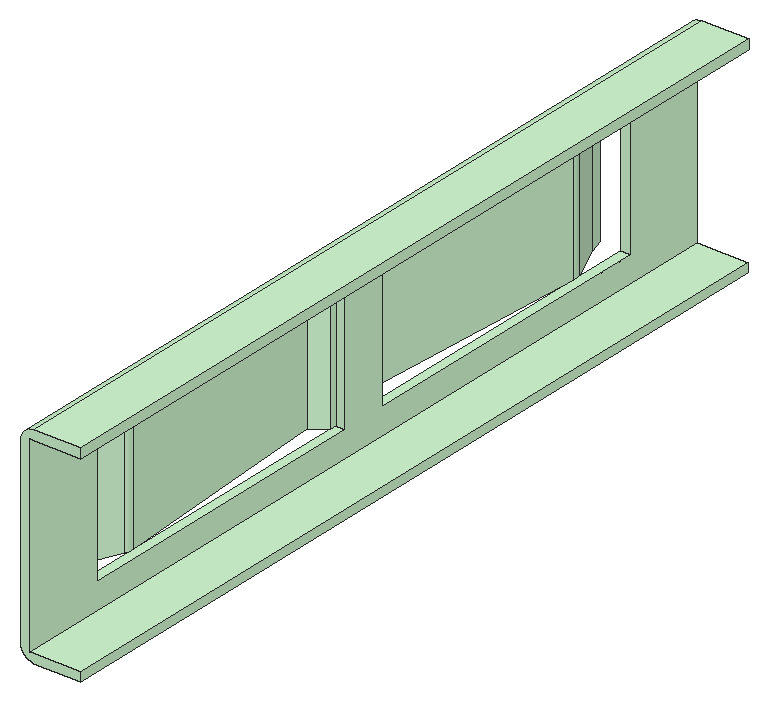
Revit family "C-25用ジョイント", category 機械設備, Revit 2020
Family settings
  丸型コネクタ寸法 = 直径を使用
  種別 = なし
  パーツ タイプ = 標準
  作業面ベース = いいえ
  常に垂直 = はい
  ロード時にボイドで切り取り = いいえ
  共有 = いいえ
  部屋計算ポイント = いいえ
Parameters
  製造元 = "株式会社桐井製作所"
  既定の高さ = 0 mm
  URL = "https://www.kirii.co.jp/"
  K_品名 = "特殊チャンネルジョイントC-25用"
  K_名称 = "特殊ジョイント"
  K_入数 = "500"
  K_バージョン情報 = "20211012"
Reference planes
  plane 1 "中心(正面/背面)": y = 0
  plane 2: z = 0
  plane 3 "中心(左/右)": x = 0
Forms (mm)
  Extrusion 1, solid
    sketch origin (2.7, 0, 0) x (1, 0, 0) y (0, 0, 1)
      loop
        line (-8.2, -10.375) -> (-8.2, 10.225) -> (-2.7, 10.225) -> (-2.7, 11.225) -> (-7.7, 11.225)
        arc (-7.7, 11.225) -> (-8.761, 10.786) -> (-9.2, 9.725) r 1.5
        line (-9.2, 9.725) -> (-9.2, -9.8)
        arc (-9.2, -9.8) -> (-8.761, -10.861) -> (-7.7, -11.3) r 1.5
        line (-7.7, -11.3) -> (-2.715, -11.3) -> (-2.715, -10.375) -> (-8.2, -10.375)
    from -45 to 45
  Extrusion 2, solid
    sketch origin (-4.171, -10.927, 0) x (1, 0, 0) y (0, 1, 0)
      loop
        line (-3.329, -19.073) -> (-5.129, -23.073) -> (-5.624, -24.797) -> (-4.662, -25.073) -> (-4.187, -23.418) -> (-2.518, -19.708)
        arc (-2.518, -19.708) -> (-2.375, -19.247) -> (-2.346, -18.766) r 2
        line (-2.346, -18.766) -> (-3.888, 6.427) -> (-2.329, 7.831) -> (-2.329, 9.176) -> (-4.198, 7.493)
        arc (-4.198, 7.493) -> (-4.711, 6.764) -> (-4.856, 5.884) r 2
        line (-4.856, 5.884) -> (-3.329, -19.073)
      loop
        arc (-2.347, 40.617) -> (-2.375, 41.099) -> (-2.519, 41.56) r 2
        line (-2.519, 41.56) -> (-4.188, 45.269) -> (-4.663, 46.924) -> (-5.624, 46.649) -> (-5.13, 44.924) -> (-3.33, 40.924) -> (-4.856, 15.969)
        arc (-4.856, 15.969) -> (-4.711, 15.09) -> (-4.198, 14.361) r 2
        line (-4.198, 14.361) -> (-2.329, 12.678) -> (-2.329, 14.023) -> (-3.888, 15.428) -> (-2.347, 40.617)
    from -7.537 to 7.363
  Extrusion 3, void
    sketch origin (2.7, 0, 0) x (0, 1, 0) y (0, 0, 1)
      loop
        line (-2.5, 7.363) -> (-36, 7.363) -> (-36, -7.537) -> (-2.5, -7.537) -> (-2.5, 7.363)
    from -9.2 to -8.2
  Extrusion 4, void
    sketch origin (2.7, 38.5, 0) x (0, 1, 0) y (0, 0, 1)
      loop
        line (-2.5, 7.363) -> (-36, 7.363) -> (-36, -7.537) -> (-2.5, -7.537) -> (-2.5, 7.363)
    from -9.2 to -8.2
  Extrusion 5, solid
    sketch origin (-1.741, -0.307, 0) x (0.061086, 0.998133, 0) y (0, 0, 1)
      loop
        arc (6.75, 2.175) -> (4.5, -0.075) -> (6.75, -2.325) r 2.25
        line (6.75, -2.325) -> (24.25, -2.325)
        arc (24.25, -2.325) -> (26.5, -0.075) -> (24.25, 2.175) r 2.25
        line (24.25, 2.175) -> (6.75, 2.175)
      loop
        arc (6.75, 0.425) -> (6.25, -0.075) -> (6.75, -0.575) r 0.5
        line (6.75, -0.575) -> (24.25, -0.575)
        arc (24.25, -0.575) -> (24.75, -0.075) -> (24.25, 0.425) r 0.5
        line (24.25, 0.425) -> (6.75, 0.425)
    from -7.6 to -8.099
  Extrusion 6, solid
    sketch origin (-1.747, 0.415, 0) x (-0.061086, 0.998133, 0) y (0, 0, 1)
      loop
        arc (-24.25, 2.175) -> (-26.5, -0.075) -> (-24.25, -2.325) r 2.25
        line (-24.25, -2.325) -> (-6.75, -2.325)
        arc (-6.75, -2.325) -> (-4.5, -0.075) -> (-6.75, 2.175) r 2.25
        line (-6.75, 2.175) -> (-24.25, 2.175)
      loop
        arc (-24.25, 0.425) -> (-24.75, -0.075) -> (-24.25, -0.575) r 0.5
        line (-24.25, -0.575) -> (-6.75, -0.575)
        arc (-6.75, -0.575) -> (-6.25, -0.075) -> (-6.75, 0.425) r 0.5
        line (-6.75, 0.425) -> (-24.25, 0.425)
    from -7.6 to -8.1
Cuts and joins
  Extrusion 3, Extrusion 4 cuts Extrusion 1
Dimensions and locks
  aligned and locked: level to plane 2
